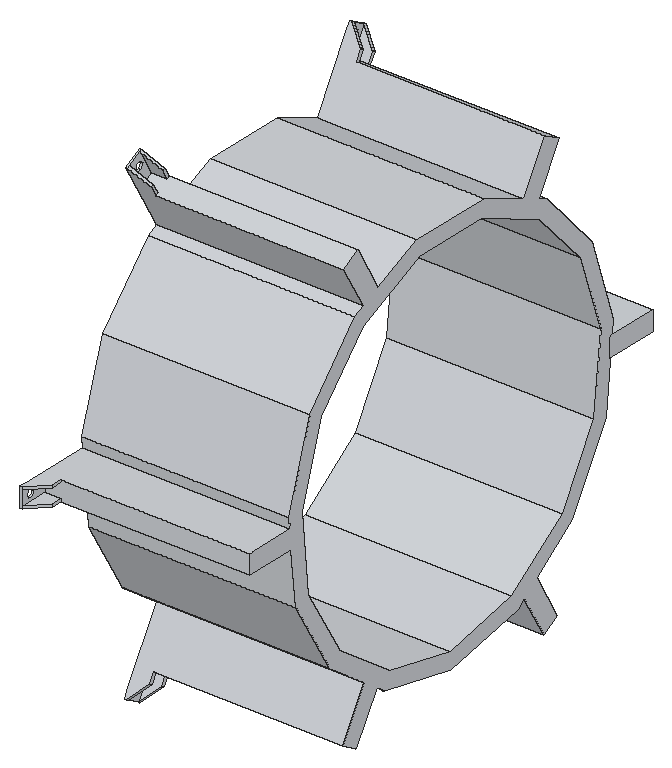
Revit family "HP315R", category Pipe Accessories, Revit 2021
Family settings
  Round Connector Dimension = Use Diameter
  Part Type = Breaks Into
  Work Plane-Based = No
  Always vertical = No
  Cut with Voids When Loaded = No
  Shared = No
Parameters
  URL = "https://www.snapcollars.com.au/"
  Model = "HP315R"
  Manufacturer = "Snap Fire Systems"
  Description = "The HP315R is a metal, retro-fit fire collar for concrete floor slabs, fire rated plasterboard, concrete and masonry walls."
  Default Elevation = 0 mm
Reference planes
  plane 1 "Center (Front/Back)": y = 0
  plane 2: z = 0
  plane 3 "Center (Left/Right)": x = -139.129
  plane 4: x = -230
  plane 5: x = -208.636
  plane 6: x = -210
Forms (mm)
  Extrusion 1, solid, material "PVC-White", not visible, detail levels fine
    sketch origin (0, 0, 0) x (1, 0, 0) y (0, 0, 1)
      loop
        line (-80, 60.418) -> (-227.967, 86.048) -> (-227.967, 69.12) -> (-80, 60.418)
    from -1.5 to 1.5
  Extrusion 2, solid, material "PVC-White", not visible, detail levels fine
    sketch origin (0, 0, 0) x (1, 0, 0) y (0, -0.5, 0.866025)
      loop
        line (-80, 60.418) -> (-227.967, 86.048) -> (-227.967, 69.12) -> (-80, 60.418)
    from -1.5 to 1.5
  Extrusion 3, solid, material "PVC-White", not visible, detail levels fine
    sketch origin (0, 0, 0) x (1, 0, 0) y (0, -0.866025, 0.5)
      loop
        line (-80, 60.418) -> (-227.967, 86.048) -> (-227.967, 69.12) -> (-80, 60.418)
    from -1.5 to 1.5
  Extrusion 4, solid, material "PVC-White", not visible, detail levels fine
    sketch origin (0, 0, 0) x (0, -1, 0) y (-1, 0, 0)
      loop
        line (60.418, 80) -> (86.048, 227.967) -> (69.12, 227.967) -> (60.418, 80)
    from -1.5 to 1.5
  Extrusion 5, solid, material "PVC-White", not visible, detail levels fine
    sketch origin (0, 0, 0) x (1, 0, 0) y (0, -0.866025, -0.5)
      loop
        line (-80, 60.418) -> (-227.967, 86.048) -> (-227.967, 69.12) -> (-80, 60.418)
    from -1.5 to 1.5
  Extrusion 6, solid, material "PVC-White", not visible, detail levels fine
    sketch origin (0, 0, 0) x (1, 0, 0) y (0, -0.5, -0.866025)
      loop
        line (-80, 60.418) -> (-227.967, 86.048) -> (-227.967, 69.12) -> (-80, 60.418)
    from -1.5 to 1.5
  Extrusion 7, solid, material "PVC-White", not visible, detail levels fine
    sketch origin (0, 0, 0) x (1, 0, 0) y (0, 0, -1)
      loop
        line (-80, 60.418) -> (-227.967, 86.048) -> (-227.967, 69.12) -> (-80, 60.418)
    from -1.5 to 1.5
  Extrusion 8, solid, material "PVC-White", not visible, detail levels fine
    sketch origin (0, 0, 0) x (1, 0, 0) y (0, 0.5, -0.866025)
      loop
        line (-80, 60.418) -> (-227.967, 86.048) -> (-227.967, 69.12) -> (-80, 60.418)
    from -1.5 to 1.5
  Extrusion 9, solid, material "PVC-White", not visible, detail levels fine
    sketch origin (0, 0, 0) x (1, 0, 0) y (0, 0.866025, -0.5)
      loop
        line (-80, 60.418) -> (-227.967, 86.048) -> (-227.967, 69.12) -> (-80, 60.418)
    from -1.5 to 1.5
  Extrusion 10, solid, material "PVC-White", not visible, detail levels fine
    sketch origin (0, 0, 0) x (1, 0, 0) y (0, 1, 0)
      loop
        line (-80, 60.418) -> (-227.967, 86.048) -> (-227.967, 69.12) -> (-80, 60.418)
    from -1.5 to 1.5
  Extrusion 11, solid, material "PVC-White", not visible, detail levels fine
    sketch origin (0, 0, 0) x (1, 0, 0) y (0, 0.866025, 0.5)
      loop
        line (-80, 60.418) -> (-227.967, 86.048) -> (-227.967, 69.12) -> (-80, 60.418)
    from -1.5 to 1.5
  Extrusion 12, solid, material "PVC-White", not visible, detail levels fine
    sketch origin (0, 0, 0) x (1, 0, 0) y (0, 0.5, 0.866025)
      loop
        line (-80, 60.418) -> (-227.967, 86.048) -> (-227.967, 69.12) -> (-80, 60.418)
    from -1.5 to 1.5
  Extrusion 13, solid
    sketch origin (-230, 2000, 1200) x (0, 1, 0) y (0, 0, 1)
      loop
        line (-2034.764, -1036.446) -> (-2098.282, -1064.726) -> (-2144.806, -1116.396) -> (-2166.291, -1182.522) -> (-2159.024, -1251.67) -> (-2124.259, -1311.884) -> (-2068.009, -1352.752) -> (-2000, -1367.207) -> (-1931.991, -1352.752) -> (-1875.741, -1311.884) -> (-1840.976, -1251.67) -> (-1833.709, -1182.522) -> (-1855.194, -1116.396) -> (-1901.718, -1064.726) -> (-1965.236, -1036.446) -> (-2034.764, -1036.446)
      loop
        line (-2037.768, -1022.314) -> (-2106.775, -1053.037) -> (-2157.318, -1109.172) -> (-2180.661, -1181.012) -> (-2172.765, -1256.135) -> (-2134.997, -1321.551) -> (-2073.886, -1365.951) -> (-2000, -1381.656) -> (-1926.114, -1365.951) -> (-1865.003, -1321.551) -> (-1827.235, -1256.135) -> (-1819.339, -1181.012) -> (-1842.682, -1109.172) -> (-1893.225, -1053.037) -> (-1962.232, -1022.314) -> (-2037.768, -1022.314)
    from 0 to 184
  Extrusion 14, solid, not visible
    sketch origin (-230, 23.225, 34.758) x (0, -0.92388, 0.382683) y (1, 0, 0)
      loop
        line (16.311, 91) -> (0, 91) -> (0, 65) -> (16.311, 65) -> (16.311, 91)
    from 0 to 3
  Extrusion 15, solid, not visible
    sketch origin (-230, 24.373, 37.53) x (0, -0.92388, 0.382683) y (1, 0, 0)
      loop
        line (16.311, 91) -> (0, 91) -> (0, 88) -> (16.311, 88) -> (16.311, 91)
    from 0 to 21
  Extrusion 16, solid, not visible
    sketch origin (-230, 29.556, 29.418) x (0, -0.828512, 0.559971) y (1, 0, 0)
      loop
        line (16.311, 91) -> (0, 91) -> (0, 65) -> (16.311, 65) -> (16.311, 91)
    from 0 to 3
  Extrusion 17, solid, not visible
    sketch origin (-230, 31.236, 31.904) x (0, -0.828512, 0.559971) y (1, 0, 0)
      loop
        line (16.311, 91) -> (0, 91) -> (0, 88) -> (16.311, 88) -> (16.311, 91)
    from 0 to 21
  Extrusion 18, solid, not visible
    sketch origin (-230, -15.852, 38.571) x (0, -0.83464, -0.550797) y (1, 0, 0)
      loop
        line (16.311, 91) -> (0, 91) -> (0, 65) -> (16.311, 65) -> (16.311, 91)
    from 0 to 3
  Extrusion 19, solid, not visible
    sketch origin (-230, -17.504, 41.075) x (0, -0.83464, -0.550797) y (1, 0, 0)
      loop
        line (16.311, 91) -> (0, 91) -> (0, 88) -> (16.311, 88) -> (16.311, 91)
    from 0 to 21
  Extrusion 20, solid, not visible
    sketch origin (-230, 29.261, -29.712) x (0, 0.564361, 0.825528) y (1, 0, 0)
      loop
        line (16.311, 91) -> (0, 91) -> (0, 65) -> (16.311, 65) -> (16.311, 91)
    from 0 to 3
  Extrusion 21, solid, not visible
    sketch origin (-230, 31.738, -31.405) x (0, 0.564361, 0.825528) y (1, 0, 0)
      loop
        line (16.311, 91) -> (0, 91) -> (0, 88) -> (16.311, 88) -> (16.311, 91)
    from 0 to 21
  Extrusion 22, solid, not visible
    sketch origin (-230, -38.657, -15.64) x (0, 0.54621, -0.837649) y (1, 0, 0)
      loop
        line (16.311, 91) -> (0, 91) -> (0, 65) -> (16.311, 65) -> (16.311, 91)
    from 0 to 3
  Extrusion 23, solid, not visible
    sketch origin (-230, -41.17, -17.279) x (0, 0.54621, -0.837649) y (1, 0, 0)
      loop
        line (16.311, 91) -> (0, 91) -> (0, 88) -> (16.311, 88) -> (16.311, 91)
    from 0 to 21
  Extrusion 24, solid
    sketch origin (0, 81.866, 141.3) x (1, 0, 0) y (0, 0.5, 0.866025)
      loop
        line (-213.793, 17.886) -> (-213.793, 70.117) -> (-228.024, 86.118) -> (-230, 86.118) -> (-230, 78) -> (-230, 17.886) -> (-213.793, 17.886)
    from -8.715 to 8.715
  Extrusion 25, void
    sketch origin (-228.024, 127.353, 220.085) x (0, -0.5, -0.866025) y (0, 0.866025, -0.5)
      loop
        circle (14, 0) r 4
    from -10.829 to 2.558
  Extrusion 26, solid, not visible
    sketch origin (0, 0, 41.882) x (1, 0, 0) y (0, 0, 1)
      loop
        line (-201.343, 54.118) -> (-201.343, 56.118) -> (-228.024, 56.118) -> (-228.024, 86.118) -> (-230, 86.118) -> (-230, 78) -> (-230, 54.118) -> (-201.343, 54.118)
    from -8 to 8
  Extrusion 27, void, not visible
    sketch origin (-228.024, 0, 132.882) x (0, 0, -1) y (0, 1, 0)
      loop
        circle (14, 0) r 4
    from -10.829 to 2.558
  Extrusion 28, solid
    sketch origin (0, 77.305, 133.4) x (1, 0, 0) y (0, 0.5, 0.866025)
      loop
        line (-46, 22.456) -> (-46, 70) -> (-230, 70) -> (-230, 22.456) -> (-46, 22.456)
    from -8.715 to 8.715
  Extrusion 29, solid, not visible
    sketch origin (0, 46.803, 60.995) x (1, 0, 0) y (0, 0.608761, 0.793353)
      loop
        line (-201.343, 54.118) -> (-201.343, 56.118) -> (-228.024, 56.118) -> (-228.024, 86.118) -> (-230, 86.118) -> (-230, 78) -> (-230, 54.118) -> (-201.343, 54.118)
    from -8 to 8
  Extrusion 30, solid, not visible
    sketch origin (0, 37.134, 48.395) x (1, 0, 0) y (0, 0.608761, 0.793353)
      loop
        line (-168, 41) -> (-168, 70) -> (-230, 70) -> (-230, 41) -> (-168, 41)
    from -8.715 to 8.715
  Extrusion 31, solid, not visible
    sketch origin (0, 115.648, 115.297) x (1, 0, 0) y (0, 0.707107, 0.707107)
      loop
        line (-213.793, 17.886) -> (-213.793, 70.117) -> (-228.024, 86.118) -> (-230, 86.118) -> (-230, 78) -> (-230, 17.886) -> (-213.793, 17.886)
    from -8.715 to 8.715
  Extrusion 32, void, not visible
    sketch origin (-228.024, 179.976, 179.625) x (0, -0.707107, -0.707107) y (0, 0.707107, -0.707107)
      loop
        circle (14, 0) r 4
    from -10.829 to 2.558
  Extrusion 33, solid, not visible
    sketch origin (0, 109.197, 108.847) x (1, 0, 0) y (0, 0.707107, 0.707107)
      loop
        line (-46, 22.456) -> (-46, 70) -> (-230, 70) -> (-230, 22.456) -> (-46, 22.456)
    from -8.715 to 8.715
  Extrusion 34, solid
    sketch origin (0, -81.23, 141.667) x (1, 0, 0) y (0, -0.498737, 0.866753)
      loop
        line (-213.793, 17.886) -> (-213.793, 70.117) -> (-228.024, 86.118) -> (-230, 86.118) -> (-230, 78) -> (-230, 17.886) -> (-213.793, 17.886)
    from -8.715 to 8.715
  Extrusion 35, void
    sketch origin (-228.024, -126.602, 220.518) x (0, 0.498737, -0.866753) y (0, 0.866753, 0.498737)
      loop
        circle (14, 0) r 4
    from -10.829 to 2.558
  Extrusion 36, solid
    sketch origin (0, -76.681, 133.76) x (1, 0, 0) y (0, -0.498737, 0.866753)
      loop
        line (-46, 22.456) -> (-46, 70) -> (-230, 70) -> (-230, 22.456) -> (-46, 22.456)
    from -8.715 to 8.715
  Extrusion 37, solid
    sketch origin (0, -163.301, 0.724) x (1, 0, 0) y (0, -0.999996, 0.002915)
      loop
        line (-213.793, 17.886) -> (-213.793, 70.117) -> (-228.024, 86.118) -> (-230, 86.118) -> (-230, 78) -> (-230, 17.886) -> (-213.793, 17.886)
    from -8.715 to 8.715
  Extrusion 38, void
    sketch origin (-228.024, -254.274, 0.989) x (0, 0.999996, -0.002915) y (0, 0.002915, 0.999996)
      loop
        circle (14, 0) r 4
    from -10.829 to 2.558
  Extrusion 39, solid
    sketch origin (0, -154.179, 0.697) x (1, 0, 0) y (0, -0.999996, 0.002915)
      loop
        line (-46, 22.456) -> (-46, 70) -> (-230, 70) -> (-230, 22.456) -> (-46, 22.456)
    from -8.715 to 8.715
  Extrusion 40, solid
    sketch origin (0, -82.483, -140.941) x (1, 0, 0) y (0, -0.503782, -0.863831)
      loop
        line (-213.793, 17.886) -> (-213.793, 70.117) -> (-228.024, 86.118) -> (-230, 86.118) -> (-230, 78) -> (-230, 17.886) -> (-213.793, 17.886)
    from -8.715 to 8.715
  Extrusion 41, void
    sketch origin (-228.024, -128.314, -219.526) x (0, 0.503782, 0.863831) y (0, -0.863831, 0.503782)
      loop
        circle (14, 0) r 4
    from -10.829 to 2.558
  Extrusion 42, solid
    sketch origin (0, -77.888, -133.061) x (1, 0, 0) y (0, -0.503782, -0.863831)
      loop
        line (-46, 22.456) -> (-46, 70) -> (-230, 70) -> (-230, 22.456) -> (-46, 22.456)
    from -8.715 to 8.715
  Extrusion 43, solid
    sketch origin (0, 80.61, -142.021) x (1, 0, 0) y (0, 0.494942, -0.868926)
      loop
        line (-213.793, 17.886) -> (-213.793, 70.117) -> (-228.024, 86.118) -> (-230, 86.118) -> (-230, 78) -> (-230, 17.886) -> (-213.793, 17.886)
    from -8.715 to 8.715
  Extrusion 44, void
    sketch origin (-228.024, 125.636, -221.07) x (0, -0.494942, 0.868926) y (0, -0.868926, -0.494942)
      loop
        circle (14, 0) r 4
    from -10.829 to 2.558
  Extrusion 45, solid
    sketch origin (0, 76.095, -134.094) x (1, 0, 0) y (0, 0.494942, -0.868926)
      loop
        line (-46, 22.456) -> (-46, 70) -> (-230, 70) -> (-230, 22.456) -> (-46, 22.456)
    from -8.715 to 8.715
  Extrusion 46, void
    sketch origin (-230, 112.305, 194.022) x (-1, 0, 0) y (0, 0.866025, -0.5)
      loop
        line (-39.858, -6.312) -> (-1.967, -6.312) -> (-1.967, 6.48) -> (-39.858, 6.48) -> (-39.858, -6.312)
    from -51.258 to 0
  Extrusion 47, void, not visible
    sketch origin (-230, 158.695, 158.344) x (-1, 0, 0) y (0, 0.707107, -0.707107)
      loop
        line (-39.858, -6.312) -> (-1.967, -6.312) -> (-1.967, 6.48) -> (-39.858, 6.48) -> (-39.858, -6.312)
    from -51.258 to 0
  Extrusion 48, void
    sketch origin (-230, -111.592, 194.433) x (-1, 0, 0) y (0, 0.866753, 0.498737)
      loop
        line (-39.858, -6.312) -> (-1.967, -6.312) -> (-1.967, 6.48) -> (-39.858, 6.48) -> (-39.858, -6.312)
    from -51.258 to 0
  Extrusion 49, void
    sketch origin (-230, -224.179, 0.901) x (-1, 0, 0) y (0, 0.002915, 0.999996)
      loop
        line (-39.858, -6.312) -> (-1.967, -6.312) -> (-1.967, 6.48) -> (-39.858, 6.48) -> (-39.858, -6.312)
    from -51.258 to 0
  Extrusion 50, void
    sketch origin (-230, -113.152, -193.529) x (-1, 0, 0) y (0, -0.863831, 0.503782)
      loop
        line (-39.858, -6.312) -> (-1.967, -6.312) -> (-1.967, 6.48) -> (-39.858, 6.48) -> (-39.858, -6.312)
    from -51.258 to 0
  Extrusion 51, void
    sketch origin (-230, 110.741, -194.919) x (-1, 0, 0) y (0, -0.868926, -0.494942)
      loop
        line (-39.858, -6.312) -> (-1.967, -6.312) -> (-1.967, 6.48) -> (-39.858, 6.48) -> (-39.858, -6.312)
    from -51.258 to 0
  Extrusion 52, solid
    sketch origin (0, 163.297, -1.438) x (1, 0, 0) y (0, 0.999973, -0.007288)
      loop
        line (-213.793, 17.886) -> (-213.793, 70.117) -> (-228.024, 86.118) -> (-230, 86.118) -> (-230, 78) -> (-230, 17.886) -> (-213.793, 17.886)
    from -8.715 to 8.715
  Extrusion 53, void
    sketch origin (-228.024, 254.267, -2.101) x (0, -0.999973, 0.007288) y (0, -0.007288, -0.999973)
      loop
        circle (14, 0) r 4
    from -10.829 to 2.558
  Extrusion 54, solid
    sketch origin (0, 154.174, -1.372) x (1, 0, 0) y (0, 0.999973, -0.007288)
      loop
        line (-46, 22.456) -> (-46, 70) -> (-230, 70) -> (-230, 22.456) -> (-46, 22.456)
    from -8.715 to 8.715
  Extrusion 55, void
    sketch origin (-230, 224.173, -1.882) x (-1, 0, 0) y (0, -0.007288, -0.999973)
      loop
        line (-39.858, -6.312) -> (-1.967, -6.312) -> (-1.967, 6.48) -> (-39.858, 6.48) -> (-39.858, -6.312)
    from -51.258 to 0
Cuts and joins
  Extrusion 46 cuts Extrusion 13
  Extrusion 25, Extrusion 35, Extrusion 46 cuts Extrusion 24
  Extrusion 46 cuts Extrusion 28
  Extrusion 35, Extrusion 48 cuts Extrusion 34
  Extrusion 48 cuts Extrusion 36
  Extrusion 38, Extrusion 49 cuts Extrusion 37
  Extrusion 49 cuts Extrusion 39
  Extrusion 41, Extrusion 50 cuts Extrusion 40
  Extrusion 50 cuts Extrusion 42
  Extrusion 44, Extrusion 51 cuts Extrusion 43
  Extrusion 51 cuts Extrusion 45
  joined: Extrusion 13, Extrusion 24, Extrusion 28, Extrusion 34, Extrusion 36, Extrusion 37, Extrusion 39, Extrusion 40, Extrusion 42, Extrusion 43, Extrusion 45
  Extrusion 53 cuts Extrusion 52
  Extrusion 55 cuts Extrusion 54
Lines and regions (mm)
  model lines
    curve 1: circle (-230, 0, 0) r 250 normal (1, 0, 0)
    curve 2: circle (-230, 0, 0) r 240 normal (1, 0, 0)
Dimensions and locks
  locked: plane 4 to plane 3 "Center (Left/Right)" at 90.871
  Extrusion 1 sketch curve to Extrusion 1 sketch curve = 0 mm
  Extrusion 2 sketch curve to Extrusion 2 sketch curve = 0 mm
  Extrusion 3 sketch curve to Extrusion 3 sketch curve = 0 mm
  Extrusion 4 sketch curve to Extrusion 4 sketch curve = 0 mm
  Extrusion 5 sketch curve to Extrusion 5 sketch curve = 0 mm
  Extrusion 6 sketch curve to Extrusion 6 sketch curve = 0 mm
  Extrusion 7 sketch curve to Extrusion 7 sketch curve = 0 mm
  Extrusion 8 sketch curve to Extrusion 8 sketch curve = 0 mm
  Extrusion 9 sketch curve to Extrusion 9 sketch curve = 0 mm
  Extrusion 10 sketch curve to Extrusion 10 sketch curve = 0 mm
  Extrusion 11 sketch curve to Extrusion 11 sketch curve = 0 mm
  Extrusion 12 sketch curve to Extrusion 12 sketch curve = 0 mm
  aligned and locked: level to plane 2
Connectors
  piping at (-210, 0, 0), diameter 327
    settings: on plane 6, index 4, connector inside diameter 609.6 mm, connector length 0 mm, flow factor 0, pipe flow 0.0 L/s, pressure drop 0.0 Pa, fitting loss kfactor 0, connector angle 0.00°, fixture units 0, engagement length 0 mm, angle of deflection 0.00°, flow configuration 0, flow direction 0, fitting loss method 0, system type 7, joint type 0, gender type 0, connector reference index -1, connector utility 0, adjustable connector no, is connector primary yes, connector description ""
  piping at (-208.636, 0, 0), diameter 327
    settings: on plane 5, index 5, connector inside diameter 609.6 mm, connector length 0 mm, flow factor 0, pipe flow 0.0 L/s, pressure drop 0.0 Pa, fitting loss kfactor 0, connector angle 0.00°, fixture units 0, engagement length 0 mm, angle of deflection 0.00°, flow configuration 0, flow direction 0, fitting loss method 0, system type 7, joint type 0, gender type 0, connector reference index -1, connector utility 0, adjustable connector no, is connector primary no, connector description ""
